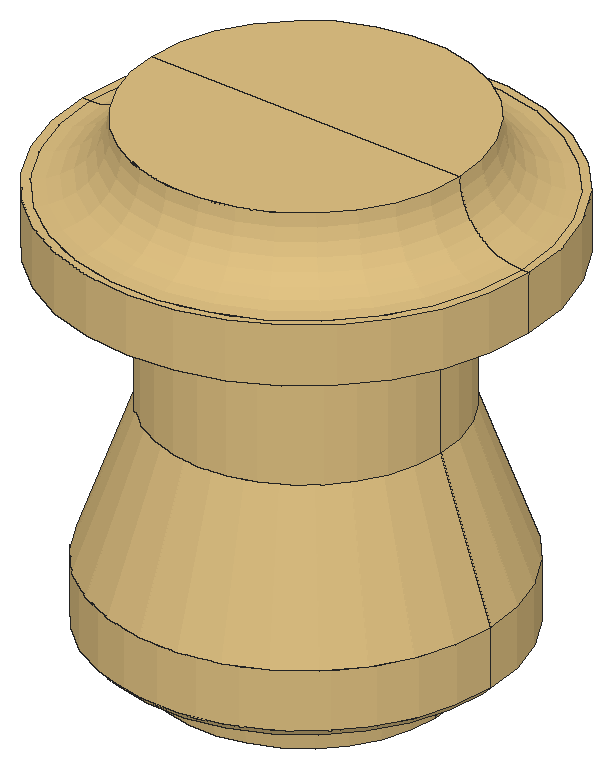
Revit family "STR_CLIMBING RING AWF_0238006", category Generic Models, Revit 2018
Family settings
  Can host rebar = No
  Round Connector Dimension = Use Diameter
  Part Type = Normal
  OmniClass Number = 35.51.14.00
  OmniClass Title = FORMWORK
  Work Plane-Based = Yes
  Always vertical = No
  Cut with Voids When Loaded = No
  Shared = Yes
  Room Calculation Point = No
Parameters
  VERSION = "20170217"  # constant formula
  URL = "www.ulmaconstruction.com/en"
  UNICLASS = ""
  Manufacturer = "ULMA CONSTRUCTION"  # constant formula
  ITEM_CODE = "0238006"
  FILTER [instance] = ""
  Default Elevation = 0.000 mm
  CLASSIFICATION_TITLE = ""
  CLASSIFICATION_NUMBER = ""
Reference planes
  plane 1 "Centro (Frontal/Posterior)": y = 0
  plane 2: z = 0
  plane 3 "Centro (Izquierda/Derecha)": x = 0
Forms (mm)
  Revolve 1, solid, material "ULMA BICHROMATE"
    sketch origin (0, 0, 0) x (1, 0, 0) y (0, 0, 1)
      loop
        line (-28, 51) -> (-29, 51) -> (-29, 44)
        arc (-29, 44) -> (-23.443, 41.761) -> (-17.5, 41) r 23.5
        line (-17.5, 41) -> (-17.5, 26) -> (-24, 8) -> (-24, 1) -> (-23, 0) -> (-17.75, 0) -> (-16.868, -5) -> (0, -5) -> (0, 59) -> (-20, 59)
        arc (-20, 59) -> (-22.343, 53.343) -> (-28, 51) r 8
      axis (0, 59) -> (0, -5)
    angle from 0 to 360
Lines and regions (mm)
  model lines, style "ULMA ANCHOR", detail levels fine
    curve 1: circle (0, 0, 59) r 12.25 normal (0, 0, 1)
    curve 2: circle (0, 0, -5) r 12.25 normal (0, 0, 1)
Dimensions and locks
  aligned and locked: level to plane 2
